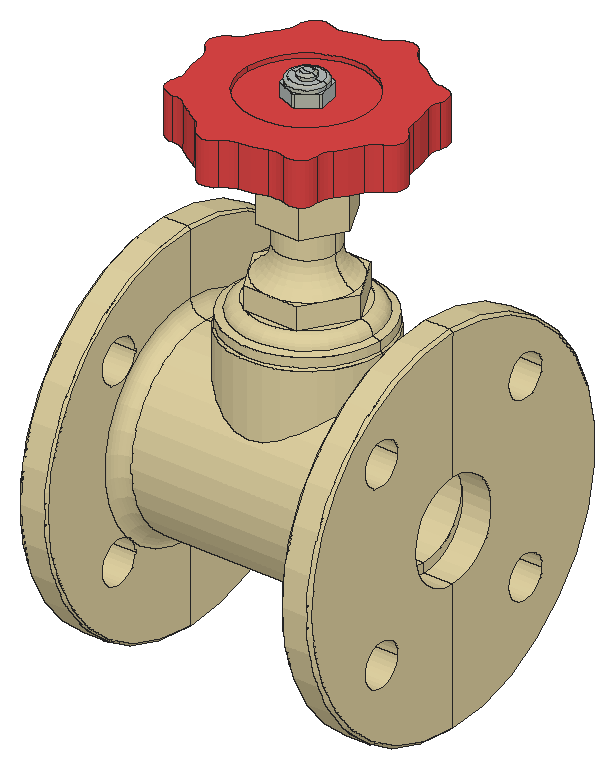
Revit family "AA01710000", category Apparecchi idraulici, Revit 2020
Family settings
  Quota connettore circolare = Usa diametro
  Tipo di parte = Normale
  Numero OmniClass = 23.45.00.00
  Titolo OmniClass = Sanitary, Laundry, and Cleaning Equipment
  Basato su piano di lavoro = No
  Sempre verticale = Sì
  Taglio con vuoti quando caricato = No
  Condiviso = No
  Punto di calcolo locali = No
Parameters
  URL = "https://web.cimberio.it/index.php/figura/5?subcategoria_id=10200"
  Temperatura di esercizio = "-10 ÷ 170°C (DN 15 ÷ 100); -10 ÷ 150°C (DN 125 e 150)"
  Prospetto di default = 0 mm
  Produttore = "CIMBERIO SPA"
  Pressione nominale = "PN 16 (DN 15 ÷ 100); PN 10 (DN 125 e 150)"
  Modello = "Cim *72FPN6"
  Materiale = "Prodotto in lega di ottone conforme alla norma EN 12165-CW617N-DW"
  Descrizione = "Utilizzato nei più svariati settori dell'impiantistica: impianti di riscaldamento, condizionamento, idrici, igienico-sanitari, reti di distribuzione oli, benzine, vapore saturo e in generale con ogni fluido non corrosivo."
  DN Model [instance] = AA01713179 : AA01713179
  DN [instance] = 32 mm
  Commenti sul tipo = "Realizzato in ottemperanza ai requisiti gestionali della norma EN ISO 9001.\r\nCollaudato al 100% secondo la normativa EN 12266-1."
Reference planes
  plane 1 "Centro (Fronte/Retro)": y = 0
  plane 2: z = 0
  plane 3 "Centro (Sinistra/Destra)": x = 0
Dimensions and locks
  aligned and locked: level to plane 2
Nested families
  nested 1: "AA01713179" at (0, 0, 0), type <- "DN Model", type "AA01713179"
  nested 2: "AA01713179" at (0, 0, 0), type <- "DN Model", type "AA01713179"
  nested 3: "AA01713179" at (0, 0, 0), type <- "DN Model", type "AA01713179"
  nested 4: "AA01713179" at (0, 0, 0), type <- "DN Model", type "AA01713179"
  nested 5: "AA01713179" at (0, 0, 0), type <- "DN Model", type "AA01713179"
  nested 6: "AA01713179" at (0, 0, 0), type <- "DN Model", type "AA01713179"
  nested 7: "AA01713179" at (0, 0, 0), type <- "DN Model", type "AA01713179"
  nested 8: "AA01713179" at (0, 0, 0), type <- "DN Model", type "AA01713179"
  nested 9: "AA01713179" at (0, 0, 0), type <- "DN Model", type "AA01713179"
  nested 10: "AA01713179" at (0, 0, 0), type <- "DN Model", type "AA01713179"
  nested 11: "AA01713179" at (0, 0, 0), type <- "DN Model", type "AA01713179"
  nested 12: "AA01713179" at (0, 0, 0), type <- "DN Model", type "AA01713179"
Connectors
  piping at (48.75, 0, -3), diameter 32, driven by "DN"
    settings: on nested 1, index 1, connector inside diameter 609.6 mm, connector length 0 mm, flow factor 0, pipe flow 0.0 L/s, pressure drop 0.0 Pa, fitting loss kfactor 0, connector angle 0.00°, fixture units 0, engagement length 0 mm, angle of deflection 0.00°, flow configuration 0, flow direction 0, fitting loss method 0, system type 7, joint type 0, gender type 0, connector reference index -1, connector utility 0, adjustable connector no, is connector primary yes, connector description ""
  piping at (-48.75, 0, -3), diameter 32, driven by "DN"
    settings: on nested 1, index 2, connector inside diameter 609.6 mm, connector length 0 mm, flow factor 0, pipe flow 0.0 L/s, pressure drop 0.0 Pa, fitting loss kfactor 0, connector angle 0.00°, fixture units 0, engagement length 0 mm, angle of deflection 0.00°, flow configuration 0, flow direction 0, fitting loss method 0, system type 7, joint type 0, gender type 0, connector reference index -1, connector utility 0, adjustable connector no, is connector primary no, connector description ""
Definition of nested family "AA01713179"
  Parameters (values of type "AA01713179")
    Default Elevation = 0 mm
  Reference planes
    plane 1 "Centro (Fronte/Retro)": y = 0
    plane 2: z = 0
    plane 3 "Centro (Sinistra/Destra)": x = 0
  Forms (mm)
    Revolve 1, solid
      sketch origin (0, 0, 0) x (1, 0, 0) y (0, 0, 1)
        loop
          line (39, -16) -> (-39, -16) -> (-39, -36)
          arc (-39, -36) -> (-37.536, -32.464) -> (-34, -31) r 5
          line (-34, -31) -> (34, -31)
          arc (34, -31) -> (37.536, -32.464) -> (39, -36) r 5
          line (39, -36) -> (39, -16)
        axis (-39, 0) -> (39, 0)
      angle from 0 to 360
    Revolve 2, solid
      sketch origin (0, 0, 29) x (1, 0, 0) y (0, 0, 1)
        loop
          line (0, 20.5) -> (-17.75, 20.5)
          arc (-17.75, 20.5) -> (-20.503, 19.512) -> (-22, 17) r 4.33
          line (-22, 17) -> (-24.5, 16.33) -> (-24.5, 13.366) -> (-25, 12.5) -> (-25, -12.298) -> (0, -12.298) -> (0, 20.5)
        axis (0, 20.5) -> (0, -12.298)
      angle from 0 to 360
    Extrusion 3, solid
      sketch origin (0, 0, 19.5) x (0, -1, 0) y (1, 0, 0)
        loop
          line (0, 17.75) -> (-15.372, 8.875) -> (-15.372, -8.875) -> (0, -17.75) -> (15.372, -8.875) -> (15.372, 8.875) -> (0, 17.75)
      from 30 to 37.225
    Revolve 4, solid
      sketch origin (0, 0, 30) x (1, 0, 0) y (0, 0, 1)
        loop
          line (0, 44.5) -> (-9.45, 44.5) -> (-9.45, 35.868)
          arc (-9.45, 35.868) -> (-11.118, 30.414) -> (-15.448, 26.725) r 10
          line (-15.448, 26.725) -> (0, 26.725) -> (0, 44.5)
        axis (0, 44.5) -> (0, 26.725)
      angle from 0 to 360
    Extrusion 5, solid
      sketch origin (0, 0, 19.5) x (0, -1, 0) y (1, 0, 0)
        loop
          line (0, 14.4) -> (-12.471, 7.2) -> (-12.471, -7.2) -> (0, -14.4) -> (12.471, -7.2) -> (12.471, 7.2) -> (0, 14.4)
      from 55 to 67
    Revolve 6, solid
      sketch origin (0, 0, 32.008) x (1, 0, 0) y (0, 0, 1)
        loop
          line (-10, 66.336) -> (-10, 64.992)
          arc (-10, 64.992) -> (-9.854, 64.639) -> (-9.5, 64.492) r 0.5
          line (-9.5, 64.492) -> (-5, 64.492) -> (-5, 53.951) -> (0, 53.951) -> (0, 66.336) -> (-10, 66.336)
        axis (0, 66.336) -> (0, 53.951)
      angle from 0 to 360
    Extrusion 7, solid
      sketch origin (0, 0, 19.5) x (0.999972, 0.007506, 0) y (-0.007506, 0.999972, 0)
        loop
          spline (-16.266, 31.079) -> (-17.215, 31.383) -> (-18.159, 31.542) -> (-19.079, 31.554) -> (-19.955, 31.418) -> (-20.77, 31.138) -> (-21.509, 30.718) -> (-22.156, 30.168) -> (-22.699, 29.497) -> (-23.126, 28.72) -> (-23.429, 27.852) -> (-23.602, 26.911) -> (-23.642, 25.914)
          arc (-23.642, 25.914) -> (-24.024, 23.423) -> (-25.269, 21.232) r 6.956
          arc (-25.269, 21.232) -> (-27.836, 17.734) -> (-29.922, 13.929) r 33.005
          arc (-29.922, 13.929) -> (-31.382, 11.874) -> (-33.478, 10.475) r 6.957
          spline (-33.478, 10.475) -> (-34.364, 10.018) -> (-35.144, 9.463) -> (-35.803, 8.821) -> (-36.326, 8.106) -> (-36.705, 7.331) -> (-36.93, 6.512) -> (-36.998, 5.665) -> (-36.908, 4.807) -> (-36.661, 3.956) -> (-36.261, 3.128) -> (-35.718, 2.34) -> (-35.041, 1.607)
          arc (-35.041, 1.607) -> (-33.55, -0.425) -> (-32.881, -2.855) r 6.956
          arc (-32.881, -2.855) -> (-32.223, -7.143) -> (-31.007, -11.308) r 33.005
          arc (-31.007, -11.308) -> (-30.587, -13.794) -> (-31.079, -16.266) r 6.959
          spline (-31.079, -16.266) -> (-31.383, -17.215) -> (-31.542, -18.159) -> (-31.554, -19.079) -> (-31.418, -19.955) -> (-31.138, -20.77) -> (-30.718, -21.509) -> (-30.168, -22.156) -> (-29.497, -22.699) -> (-28.72, -23.126) -> (-27.852, -23.429) -> (-26.911, -23.602) -> (-25.914, -23.642)
          arc (-25.914, -23.642) -> (-23.423, -24.024) -> (-21.232, -25.269) r 6.955
          arc (-21.232, -25.269) -> (-17.734, -27.836) -> (-13.929, -29.922) r 33.005
          arc (-13.929, -29.922) -> (-11.881, -31.375) -> (-10.483, -33.46) r 6.958
          spline (-10.483, -33.46) -> (-10.027, -34.349) -> (-9.472, -35.133) -> (-8.831, -35.794) -> (-8.116, -36.321) -> (-7.34, -36.701) -> (-6.52, -36.929) -> (-5.672, -36.999) -> (-4.813, -36.909) -> (-3.96, -36.662) -> (-3.131, -36.263) -> (-2.341, -35.719) -> (-1.607, -35.041)
          arc (-1.607, -35.041) -> (0.425, -33.55) -> (2.855, -32.881) r 6.956
          arc (2.855, -32.881) -> (7.144, -32.222) -> (11.309, -31.007) r 33.005
          arc (11.309, -31.007) -> (13.784, -30.586) -> (16.247, -31.072) r 6.957
          spline (16.247, -31.072) -> (17.2, -31.379) -> (18.147, -31.541) -> (19.07, -31.555) -> (19.949, -31.42) -> (20.768, -31.139) -> (21.509, -30.718) -> (22.158, -30.165) -> (22.702, -29.492) -> (23.129, -28.712) -> (23.432, -27.84) -> (23.604, -26.894) -> (23.641, -25.894)
          arc (23.641, -25.894) -> (24.027, -23.414) -> (25.269, -21.232) r 6.956
          arc (25.269, -21.232) -> (27.836, -17.734) -> (29.921, -13.929) r 33.005
          arc (29.921, -13.929) -> (31.375, -11.881) -> (33.46, -10.483) r 6.959
          spline (33.46, -10.483) -> (34.351, -10.026) -> (35.135, -9.47) -> (35.797, -8.828) -> (36.324, -8.11) -> (36.704, -7.333) -> (36.93, -6.511) -> (36.998, -5.662) -> (36.907, -4.801) -> (36.657, -3.947) -> (36.255, -3.117) -> (35.707, -2.327) -> (35.026, -1.593)
          arc (35.026, -1.593) -> (33.546, 0.434) -> (32.881, 2.854) r 6.955
          arc (32.881, 2.854) -> (32.223, 7.143) -> (31.007, 11.308) r 33.005
          arc (31.007, 11.308) -> (30.586, 13.784) -> (31.072, 16.247) r 6.958
          spline (31.072, 16.247) -> (31.377, 17.192) -> (31.539, 18.131) -> (31.556, 19.047) -> (31.427, 19.92) -> (31.154, 20.734) -> (30.743, 21.473) -> (30.202, 22.122) -> (29.542, 22.668) -> (28.776, 23.1) -> (27.919, 23.411) -> (26.987, 23.593) -> (26, 23.643)
          arc (26, 23.643) -> (23.464, 24.01) -> (21.232, 25.269) r 6.961
          arc (21.232, 25.269) -> (17.733, 27.836) -> (13.929, 29.922) r 33.005
          arc (13.929, 29.922) -> (11.874, 31.382) -> (10.475, 33.478) r 6.957
          spline (10.475, 33.478) -> (10.017, 34.365) -> (9.461, 35.147) -> (8.818, 35.806) -> (8.101, 36.329) -> (7.324, 36.707) -> (6.503, 36.932) -> (5.655, 36.998) -> (4.796, 36.906) -> (3.943, 36.656) -> (3.114, 36.253) -> (2.325, 35.706) -> (1.593, 35.026)
          arc (1.593, 35.026) -> (-0.434, 33.546) -> (-2.854, 32.881) r 6.956
          arc (-2.854, 32.881) -> (-7.143, 32.223) -> (-11.308, 31.007) r 33.005
          arc (-11.308, 31.007) -> (-13.794, 30.587) -> (-16.266, 31.079) r 6.959
      from 78 to 91.983
    Extrusion 8, void
      sketch origin (0, -1.881, 19.5) x (1, 0, 0) y (0, 1, 0)
        loop
          circle (-0.133, 1.881) r 20
      from 90.5 to 92.729
    Extrusion 9, solid
      sketch origin (-0.001, -0.001, 34.5) x (0.500497, -0.865738, 0) y (0.865738, 0.500497, 0)
        loop
          arc (-6.599, 3.005) -> (-6.779, 2.572) -> (-6.931, 2.128) r 7.25
          line (-6.931, 2.128) -> (-5.901, -4.211)
          arc (-5.901, -4.211) -> (-5.616, -4.584) -> (-5.307, -4.937) r 7.25
          line (-5.307, -4.937) -> (0.698, -7.215)
          arc (0.698, -7.215) -> (1.163, -7.154) -> (1.624, -7.064) r 7.25
          line (1.624, -7.064) -> (6.598, -3.002)
          arc (6.598, -3.002) -> (6.779, -2.569) -> (6.931, -2.125) r 7.25
          line (6.931, -2.125) -> (5.9, 4.214)
          arc (5.9, 4.214) -> (5.615, 4.587) -> (5.307, 4.941) r 7.25
          line (5.307, 4.941) -> (-0.698, 7.218)
          arc (-0.698, 7.218) -> (-1.164, 7.158) -> (-1.624, 7.068) r 7.25
          line (-1.624, 7.068) -> (-6.599, 3.005)
      from 75 to 79.5
    Revolve 10, solid
      sketch origin (0, 0, 34.5) x (1, 0, 0) y (0, 0, 1)
        loop
          line (0, 81.5) -> (0, 79.5) -> (6.25, 79.5) -> (6.25, 80.5)
          arc (6.25, 80.5) -> (5.957, 81.207) -> (5.25, 81.5) r 1
          line (5.25, 81.5) -> (0, 81.5)
        axis (0, 81.5) -> (0, 79.5)
      angle from 0 to 360
    Revolve 11, solid
      sketch origin (0, 0, 22.508) x (1, 0, 0) y (0, 0, 1)
        loop
          line (0, 95) -> (0, 93) -> (1.851, 93) -> (2.902, 93.446) -> (2.902, 94.245) -> (1.9, 95) -> (0, 95)
        axis (0, 95) -> (0, 93)
      angle from 0 to 360
    Revolve 12, solid
      sketch origin (0, 0, 0) x (1, 0, 0) y (0, 0, 1)
        loop
          line (-48.75, 13) -> (-39, 13) -> (-39, 56.25) -> (-39.75, 57) -> (-47.75, 57) -> (-48.75, 56) -> (-48.75, 13)
        axis (-48.75, -3) -> (-39, -3)
      angle from 0 to 360
    Revolve 13, solid
      sketch origin (0, 0, 0) x (-1, 0, 0) y (0, 0, 1)
        loop
          line (-48.75, 13) -> (-39, 13) -> (-39, 56.25) -> (-39.75, 57) -> (-47.75, 57) -> (-48.75, 56) -> (-48.75, 13)
        axis (-48.75, -3) -> (-39, -3)
      angle from 0 to 360
    Extrusion 14, void
      sketch origin (0, 0, 0) x (0, 1, 0) y (0, 0, 1)
        loop
          circle (30.009, 30.122) r 7
        loop
          circle (-30.009, 30.122) r 7
        loop
          circle (30.009, -30.122) r 7
        loop
          circle (-30.009, -30.122) r 7
      from -88.9 to 100
  Cuts and joins
    Extrusion 8 cuts Extrusion 7
    Extrusion 14 cuts Revolve 12
    Extrusion 14 cuts Revolve 13
  Dimensions and locks
    aligned and locked: level to plane 2
